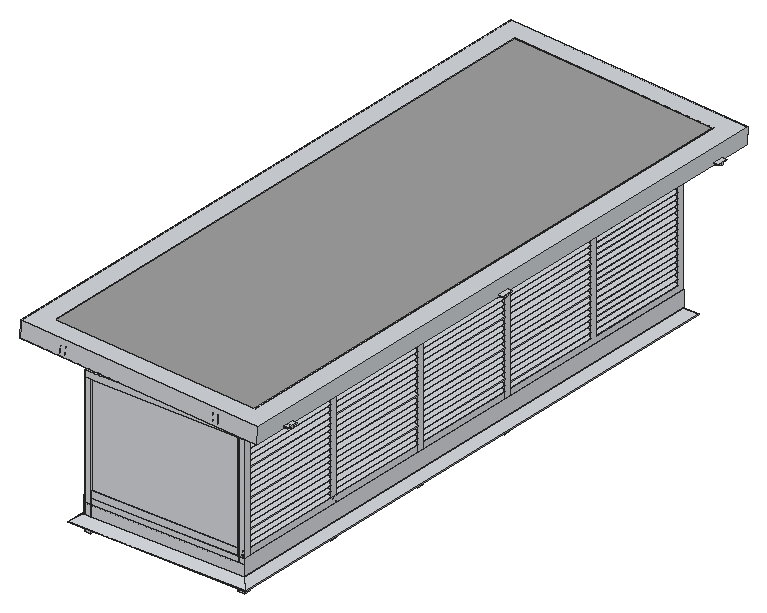
Revit family "SEQ_A3-Roof-vent", category Specialty Equipment, Revit 2016
Family settings
  Part Type = Normal
  Round Connector Dimension = Use Diameter
  Work Plane-Based = No
  Always vertical = Yes
  Cut with Voids When Loaded = No
  Shared = No
  Room Calculation Point = No
Parameters (values of type "Roof Vent")
  Keynote = "Q002"
  Assembly Code = ""
Reference planes
  plane 1 "Center (Front/Back)": y = -117
  plane 2: z = 0
  plane 3 "Center (Left/Right)": x = 0
  plane 4 "T/O roof light": z = 1700
  plane 5: z = -600
Forms (mm)
  Extrusion 1, solid
    sketch origin (0, 0, 1700) x (-1, 0, 0) y (0, -1, 0)
      loop
        line (690, -1436) -> (750, -1436) -> (750, -1376) -> (690, -1376) -> (690, -1436)
      loop
        line (-690, -1436) -> (-690, -1376) -> (-750, -1376) -> (-750, -1436) -> (-690, -1436)
      loop
        line (747, -1379) -> (693, -1379) -> (693, -1433) -> (747, -1433) -> (747, -1379)
      loop
        line (-747, -1379) -> (-747, -1433) -> (-693, -1433) -> (-693, -1379) -> (-747, -1379)
    from -1932.581 to -637
  Sweep 2, solid
    path origin (0, 0, 0) x (1, 0, 0) y (0, 1, 0)
      loop
        line (-750, -2684) -> (750, -2684) -> (750, 2450) -> (-750, 2450) -> (-750, -2684)
    profile origin (-750, -117, 0) x (-1, 0, 0) y (0, 0, 1)
      loop
        line (0, 0) -> (0, 60) -> (-60, 60) -> (-60, 0) -> (0, 0)
      loop
        line (-3, 3) -> (-3, 57) -> (-57, 57) -> (-57, 3) -> (-3, 3)
  Sweep 3, solid
    path origin (0, 0, 1063) x (1, 0, 0) y (0, 1, 0)
      loop
        line (-750, -2684) -> (750, -2684) -> (750, 2450) -> (-750, 2450) -> (-750, -2684)
    profile origin (-750, -117, 1063) x (-1, 0, 0) y (0, 0, 1)
      loop
        line (0, 0) -> (0, 60) -> (-60, 60) -> (-60, 0) -> (0, 0)
      loop
        line (-3, 3) -> (-3, 57) -> (-57, 57) -> (-57, 3) -> (-3, 3)
  Sweep 4, solid
    path origin (21.521, -38.672, 0) x (1, 0, 0) y (0, 1, 0)
      loop
        line (730.479, -2647.742) -> (730.479, 2491.086) -> (-773.521, 2491.086) -> (-773.521, -2647.742) -> (730.479, -2647.742)
    profile origin (752, -117, 0) x (-1, 0, 0) y (0, 0, 1)
      loop
        line (0, 12.51) -> (-1, 12.51) -> (-1, -87.49) -> (-81.902, -146.269) -> (-79.551, -149.505) -> (-78.742, -148.917) -> (-80.505, -146.49) -> (0, -88) -> (0, 12.51)
  Sweep 5, solid
    path origin (0, 0, 65) x (1, 0, 0) y (0, 1, 0)
      loop
        line (-750, -2684) -> (750, -2684) -> (750, 2450) -> (-750, 2450) -> (-750, -2684)
    profile origin (-750, -117, 65) x (-1, 0, 0) y (0, 0, 1)
      loop
        line (0, 0) -> (0, 60) -> (-60, 60) -> (-60, 0) -> (0, 0)
      loop
        line (-3, 3) -> (-3, 57) -> (-57, 57) -> (-57, 3) -> (-3, 3)
  Extrusion 6, solid
    sketch origin (-663.185, 853.957, -331.096) x (0, 1, 0) y (-0.052336, 0, -0.99863)
      loop
        line (1497.457, -1726.063) -> (1597.457, -1726.063) -> (1597.457, -1721.063) -> (1549.957, -1721.063) -> (1549.957, -1531.063) -> (1597.457, -1531.063) -> (1597.457, -1526.063) -> (1497.457, -1526.063) -> (1497.457, -1531.063) -> (1544.957, -1531.063) -> (1544.957, -1721.063) -> (1497.457, -1721.063) -> (1497.457, -1726.063)
    from -1734.613 to 587.632
  Extrusion 7, solid
    sketch origin (-663.185, -1087.957, -331.096) x (0, -1, 0) y (0.052336, 0, 0.99863)
      loop
        line (1497.457, 1726.063) -> (1497.457, 1721.063) -> (1544.957, 1721.063) -> (1544.957, 1531.063) -> (1497.457, 1531.063) -> (1497.457, 1526.063) -> (1597.457, 1526.063) -> (1597.457, 1531.063) -> (1549.957, 1531.063) -> (1549.957, 1721.063) -> (1597.457, 1721.063) -> (1597.457, 1726.063) -> (1497.457, 1726.063)
    from -1734.613 to 587.632
  Extrusion 8, void
    sketch origin (-583.317, -2632.914, 1192.876) x (-0.052336, 0, -0.99863) y (0.99863, 0, -0.052336)
      loop
        line (-177.48, -587.632) -> (0.854, -587.632) -> (0.854, -237.632) -> (-177.48, -587.632)
      loop
        line (-177.48, 1734.613) -> (0.854, 1384.613) -> (0.854, 1734.613) -> (-177.48, 1734.613)
    from -5756.745 to 250
  Extrusion 9, solid
    sketch origin (-663.185, -1664.457, -331.096) x (0, 1, 0) y (-0.052336, 0, -0.99863)
      loop
        line (1497.457, -1726.063) -> (1597.457, -1726.063) -> (1597.457, -1721.063) -> (1549.957, -1721.063) -> (1549.957, -1531.063) -> (1597.457, -1531.063) -> (1597.457, -1526.063) -> (1497.457, -1526.063) -> (1497.457, -1531.063) -> (1544.957, -1531.063) -> (1544.957, -1721.063) -> (1497.457, -1721.063) -> (1497.457, -1726.063)
    from -1734.613 to 587.632
  Extrusion 10, solid
    sketch origin (640, -2684, 7.861) x (-1, 0, 0) y (0, 0, -1)
      loop
        line (1329.863, -1390.873) -> (1328.816, -1410.846) -> (1331.812, -1411.003) -> (1332.702, -1394.026) -> (1376.642, -1396.329) -> (1373.03, -1465.234) -> (1329.091, -1462.932) -> (1329.98, -1445.955) -> (1326.985, -1445.798) -> (1325.938, -1465.771) -> (1375.869, -1468.387) -> (1379.794, -1393.49) -> (1329.863, -1390.873)
      loop
        line (-49.574, -1318.58) -> (-99.505, -1315.963) -> (-103.43, -1390.861) -> (-53.499, -1393.477) -> (-52.452, -1373.505) -> (-55.448, -1373.348) -> (-56.338, -1390.324) -> (-100.278, -1388.022) -> (-96.666, -1319.116) -> (-52.727, -1321.419) -> (-53.616, -1338.396) -> (-50.62, -1338.553) -> (-49.574, -1318.58)
    from -5434 to 300
  Extrusion 11, solid, material "Default 2"
    sketch origin (640, -2684, 7.861) x (-1, 0, 0) y (0, 0, -1)
      loop
        line (1745.819, -1487.776) -> (-473.38, -1371.472) -> (-475.893, -1419.406) -> (1743.307, -1535.71) -> (1745.819, -1487.776)
    from -5434 to 300
  Sweep 12, solid
    path origin (-149.719, 0, 1175.159) x (0.99863, 0, -0.052336) y (0, 1, 0)
      loop
        line (-600, -2635.414) -> (-600, 2401.414)
    profile origin (-748.897, -117, 1206.561) x (-0.99863, 0, 0.052336) y (0.052336, 0, 0.99863)
      loop
        line (0, 0) -> (0, 190) -> (-60, 190) -> (-60, 0) -> (0, 0)
      loop
        line (-3, 3) -> (-3, 187) -> (-57, 187) -> (-57, 3) -> (-3, 3)
  Sweep 13, solid
    path origin (150.822, 0, 1159.408) x (-0.99863, 0, 0.052336) y (0, -1, 0)
      loop
        line (-600, 2635.414) -> (-600, -2401.414)
    profile origin (750, -117, 1128.007) x (-0.99863, 0, 0.052336) y (0.052336, 0, 0.99863)
      loop
        line (0, 0) -> (60, 0) -> (60, 190) -> (0, 190) -> (0, 0)
      loop
        line (3, 3) -> (57, 3) -> (57, 187) -> (3, 187) -> (3, 3)
  Extrusion 14, solid
    sketch origin (-600, 702.287, 0) x (0, 1, 0) y (0, 0, -1)
      loop
        line (1735.713, -1063) -> (1737.713, -1063) -> (1737.713, -125) -> (1735.713, -125) -> (1735.713, -1063)
    from -1290 to 90
  Extrusion 15, solid
    sketch origin (-600, -936.287, 0) x (0, -1, 0) y (0, 0, 1)
      loop
        line (1735.74, 1063) -> (1735.74, 125) -> (1737.74, 125) -> (1737.74, 1063) -> (1735.74, 1063)
    from -1290 to 90
  Extrusion 16, solid
    sketch origin (998.128, -1484, 0) x (-1, 0, 0) y (0, 0, 1)
      loop
        line (1702.713, 179) -> (1702.713, 170) -> (1747.713, 125) -> (1749.128, 126.414) -> (1704.713, 170.828) -> (1704.713, 179) -> (1702.713, 179)
      loop
        line (1702.713, 231) -> (1702.713, 222) -> (1747.713, 177) -> (1749.128, 178.414) -> (1704.713, 222.828) -> (1704.713, 231) -> (1702.713, 231)
      loop
        line (1702.713, 283) -> (1702.713, 274) -> (1747.713, 229) -> (1749.128, 230.414) -> (1704.713, 274.828) -> (1704.713, 283) -> (1702.713, 283)
      loop
        line (1702.713, 335) -> (1702.713, 326) -> (1747.713, 281) -> (1749.128, 282.414) -> (1704.713, 326.828) -> (1704.713, 335) -> (1702.713, 335)
      loop
        line (1702.713, 387) -> (1702.713, 378) -> (1747.713, 333) -> (1749.128, 334.414) -> (1704.713, 378.828) -> (1704.713, 387) -> (1702.713, 387)
      loop
        line (1702.713, 439) -> (1702.713, 430) -> (1747.713, 385) -> (1749.128, 386.414) -> (1704.713, 430.828) -> (1704.713, 439) -> (1702.713, 439)
      loop
        line (1702.713, 491) -> (1702.713, 482) -> (1747.713, 437) -> (1749.128, 438.414) -> (1704.713, 482.828) -> (1704.713, 491) -> (1702.713, 491)
      loop
        line (1702.713, 543) -> (1702.713, 534) -> (1747.713, 489) -> (1749.128, 490.414) -> (1704.713, 534.828) -> (1704.713, 543) -> (1702.713, 543)
      loop
        line (1702.713, 595) -> (1702.713, 586) -> (1747.713, 541) -> (1749.128, 542.414) -> (1704.713, 586.828) -> (1704.713, 595) -> (1702.713, 595)
      loop
        line (1702.713, 647) -> (1702.713, 638) -> (1747.713, 593) -> (1749.128, 594.414) -> (1704.713, 638.828) -> (1704.713, 647) -> (1702.713, 647)
      loop
        line (1702.713, 699) -> (1702.713, 690) -> (1747.713, 645) -> (1749.128, 646.414) -> (1704.713, 690.828) -> (1704.713, 699) -> (1702.713, 699)
      loop
        line (1702.713, 751) -> (1702.713, 742) -> (1747.713, 697) -> (1749.128, 698.414) -> (1704.713, 742.828) -> (1704.713, 751) -> (1702.713, 751)
      loop
        line (1702.713, 803) -> (1702.713, 794) -> (1747.713, 749) -> (1749.128, 750.414) -> (1704.713, 794.828) -> (1704.713, 803) -> (1702.713, 803)
      loop
        line (1702.713, 855) -> (1702.713, 846) -> (1747.713, 801) -> (1749.128, 802.414) -> (1704.713, 846.828) -> (1704.713, 855) -> (1702.713, 855)
      loop
        line (1702.713, 907) -> (1702.713, 898) -> (1747.713, 853) -> (1749.128, 854.414) -> (1704.713, 898.828) -> (1704.713, 907) -> (1702.713, 907)
      loop
        line (1702.713, 959) -> (1702.713, 950) -> (1747.713, 905) -> (1749.128, 906.414) -> (1704.713, 950.828) -> (1704.713, 959) -> (1702.713, 959)
      loop
        line (1702.713, 1011) -> (1702.713, 1002) -> (1747.713, 957) -> (1749.128, 958.414) -> (1704.713, 1002.828) -> (1704.713, 1011) -> (1702.713, 1011)
      loop
        line (1702.713, 1063) -> (1702.713, 1054) -> (1747.713, 1009) -> (1749.128, 1010.414) -> (1704.713, 1054.828) -> (1704.713, 1063) -> (1702.713, 1063)
    from -1140 to -186
  Extrusion 17, solid
    sketch origin (-998.128, -1484, 0) x (1, 0, 0) y (0, 0, -1)
      loop
        line (1702.713, -179) -> (1704.713, -179) -> (1704.713, -170.828) -> (1749.128, -126.414) -> (1747.713, -125) -> (1702.713, -170) -> (1702.713, -179)
      loop
        line (1702.713, -231) -> (1704.713, -231) -> (1704.713, -222.828) -> (1749.128, -178.414) -> (1747.713, -177) -> (1702.713, -222) -> (1702.713, -231)
      loop
        line (1702.713, -283) -> (1704.713, -283) -> (1704.713, -274.828) -> (1749.128, -230.414) -> (1747.713, -229) -> (1702.713, -274) -> (1702.713, -283)
      loop
        line (1702.713, -335) -> (1704.713, -335) -> (1704.713, -326.828) -> (1749.128, -282.414) -> (1747.713, -281) -> (1702.713, -326) -> (1702.713, -335)
      loop
        line (1702.713, -387) -> (1704.713, -387) -> (1704.713, -378.828) -> (1749.128, -334.414) -> (1747.713, -333) -> (1702.713, -378) -> (1702.713, -387)
      loop
        line (1702.713, -439) -> (1704.713, -439) -> (1704.713, -430.828) -> (1749.128, -386.414) -> (1747.713, -385) -> (1702.713, -430) -> (1702.713, -439)
      loop
        line (1702.713, -491) -> (1704.713, -491) -> (1704.713, -482.828) -> (1749.128, -438.414) -> (1747.713, -437) -> (1702.713, -482) -> (1702.713, -491)
      loop
        line (1702.713, -543) -> (1704.713, -543) -> (1704.713, -534.828) -> (1749.128, -490.414) -> (1747.713, -489) -> (1702.713, -534) -> (1702.713, -543)
      loop
        line (1702.713, -595) -> (1704.713, -595) -> (1704.713, -586.828) -> (1749.128, -542.414) -> (1747.713, -541) -> (1702.713, -586) -> (1702.713, -595)
      loop
        line (1702.713, -647) -> (1704.713, -647) -> (1704.713, -638.828) -> (1749.128, -594.414) -> (1747.713, -593) -> (1702.713, -638) -> (1702.713, -647)
      loop
        line (1702.713, -699) -> (1704.713, -699) -> (1704.713, -690.828) -> (1749.128, -646.414) -> (1747.713, -645) -> (1702.713, -690) -> (1702.713, -699)
      loop
        line (1702.713, -751) -> (1704.713, -751) -> (1704.713, -742.828) -> (1749.128, -698.414) -> (1747.713, -697) -> (1702.713, -742) -> (1702.713, -751)
      loop
        line (1702.713, -803) -> (1704.713, -803) -> (1704.713, -794.828) -> (1749.128, -750.414) -> (1747.713, -749) -> (1702.713, -794) -> (1702.713, -803)
      loop
        line (1702.713, -855) -> (1704.713, -855) -> (1704.713, -846.828) -> (1749.128, -802.414) -> (1747.713, -801) -> (1702.713, -846) -> (1702.713, -855)
      loop
        line (1702.713, -907) -> (1704.713, -907) -> (1704.713, -898.828) -> (1749.128, -854.414) -> (1747.713, -853) -> (1702.713, -898) -> (1702.713, -907)
      loop
        line (1702.713, -959) -> (1704.713, -959) -> (1704.713, -950.828) -> (1749.128, -906.414) -> (1747.713, -905) -> (1702.713, -950) -> (1702.713, -959)
      loop
        line (1702.713, -1011) -> (1704.713, -1011) -> (1704.713, -1002.828) -> (1749.128, -958.414) -> (1747.713, -957) -> (1702.713, -1002) -> (1702.713, -1011)
      loop
        line (1702.713, -1063) -> (1704.713, -1063) -> (1704.713, -1054.828) -> (1749.128, -1010.414) -> (1747.713, -1009) -> (1702.713, -1054) -> (1702.713, -1063)
    from -1140 to -186
  Extrusion 18, solid
    sketch origin (998.128, -470, 0) x (-1, 0, 0) y (0, 0, 1)
      loop
        line (1702.713, 179) -> (1702.713, 170) -> (1747.713, 125) -> (1749.128, 126.414) -> (1704.713, 170.828) -> (1704.713, 179) -> (1702.713, 179)
      loop
        line (1702.713, 231) -> (1702.713, 222) -> (1747.713, 177) -> (1749.128, 178.414) -> (1704.713, 222.828) -> (1704.713, 231) -> (1702.713, 231)
      loop
        line (1702.713, 283) -> (1702.713, 274) -> (1747.713, 229) -> (1749.128, 230.414) -> (1704.713, 274.828) -> (1704.713, 283) -> (1702.713, 283)
      loop
        line (1702.713, 335) -> (1702.713, 326) -> (1747.713, 281) -> (1749.128, 282.414) -> (1704.713, 326.828) -> (1704.713, 335) -> (1702.713, 335)
      loop
        line (1702.713, 387) -> (1702.713, 378) -> (1747.713, 333) -> (1749.128, 334.414) -> (1704.713, 378.828) -> (1704.713, 387) -> (1702.713, 387)
      loop
        line (1702.713, 439) -> (1702.713, 430) -> (1747.713, 385) -> (1749.128, 386.414) -> (1704.713, 430.828) -> (1704.713, 439) -> (1702.713, 439)
      loop
        line (1702.713, 491) -> (1702.713, 482) -> (1747.713, 437) -> (1749.128, 438.414) -> (1704.713, 482.828) -> (1704.713, 491) -> (1702.713, 491)
      loop
        line (1702.713, 543) -> (1702.713, 534) -> (1747.713, 489) -> (1749.128, 490.414) -> (1704.713, 534.828) -> (1704.713, 543) -> (1702.713, 543)
      loop
        line (1702.713, 595) -> (1702.713, 586) -> (1747.713, 541) -> (1749.128, 542.414) -> (1704.713, 586.828) -> (1704.713, 595) -> (1702.713, 595)
      loop
        line (1702.713, 647) -> (1702.713, 638) -> (1747.713, 593) -> (1749.128, 594.414) -> (1704.713, 638.828) -> (1704.713, 647) -> (1702.713, 647)
      loop
        line (1702.713, 699) -> (1702.713, 690) -> (1747.713, 645) -> (1749.128, 646.414) -> (1704.713, 690.828) -> (1704.713, 699) -> (1702.713, 699)
      loop
        line (1702.713, 751) -> (1702.713, 742) -> (1747.713, 697) -> (1749.128, 698.414) -> (1704.713, 742.828) -> (1704.713, 751) -> (1702.713, 751)
      loop
        line (1702.713, 803) -> (1702.713, 794) -> (1747.713, 749) -> (1749.128, 750.414) -> (1704.713, 794.828) -> (1704.713, 803) -> (1702.713, 803)
      loop
        line (1702.713, 855) -> (1702.713, 846) -> (1747.713, 801) -> (1749.128, 802.414) -> (1704.713, 846.828) -> (1704.713, 855) -> (1702.713, 855)
      loop
        line (1702.713, 907) -> (1702.713, 898) -> (1747.713, 853) -> (1749.128, 854.414) -> (1704.713, 898.828) -> (1704.713, 907) -> (1702.713, 907)
      loop
        line (1702.713, 959) -> (1702.713, 950) -> (1747.713, 905) -> (1749.128, 906.414) -> (1704.713, 950.828) -> (1704.713, 959) -> (1702.713, 959)
      loop
        line (1702.713, 1011) -> (1702.713, 1002) -> (1747.713, 957) -> (1749.128, 958.414) -> (1704.713, 1002.828) -> (1704.713, 1011) -> (1702.713, 1011)
      loop
        line (1702.713, 1063) -> (1702.713, 1054) -> (1747.713, 1009) -> (1749.128, 1010.414) -> (1704.713, 1054.828) -> (1704.713, 1063) -> (1702.713, 1063)
    from -1140 to -186
  Extrusion 19, solid
    sketch origin (-998.128, -470, 0) x (1, 0, 0) y (0, 0, -1)
      loop
        line (1702.713, -179) -> (1704.713, -179) -> (1704.713, -170.828) -> (1749.128, -126.414) -> (1747.713, -125) -> (1702.713, -170) -> (1702.713, -179)
      loop
        line (1702.713, -231) -> (1704.713, -231) -> (1704.713, -222.828) -> (1749.128, -178.414) -> (1747.713, -177) -> (1702.713, -222) -> (1702.713, -231)
      loop
        line (1702.713, -283) -> (1704.713, -283) -> (1704.713, -274.828) -> (1749.128, -230.414) -> (1747.713, -229) -> (1702.713, -274) -> (1702.713, -283)
      loop
        line (1702.713, -335) -> (1704.713, -335) -> (1704.713, -326.828) -> (1749.128, -282.414) -> (1747.713, -281) -> (1702.713, -326) -> (1702.713, -335)
      loop
        line (1702.713, -387) -> (1704.713, -387) -> (1704.713, -378.828) -> (1749.128, -334.414) -> (1747.713, -333) -> (1702.713, -378) -> (1702.713, -387)
      loop
        line (1702.713, -439) -> (1704.713, -439) -> (1704.713, -430.828) -> (1749.128, -386.414) -> (1747.713, -385) -> (1702.713, -430) -> (1702.713, -439)
      loop
        line (1702.713, -491) -> (1704.713, -491) -> (1704.713, -482.828) -> (1749.128, -438.414) -> (1747.713, -437) -> (1702.713, -482) -> (1702.713, -491)
      loop
        line (1702.713, -543) -> (1704.713, -543) -> (1704.713, -534.828) -> (1749.128, -490.414) -> (1747.713, -489) -> (1702.713, -534) -> (1702.713, -543)
      loop
        line (1702.713, -595) -> (1704.713, -595) -> (1704.713, -586.828) -> (1749.128, -542.414) -> (1747.713, -541) -> (1702.713, -586) -> (1702.713, -595)
      loop
        line (1702.713, -647) -> (1704.713, -647) -> (1704.713, -638.828) -> (1749.128, -594.414) -> (1747.713, -593) -> (1702.713, -638) -> (1702.713, -647)
      loop
        line (1702.713, -699) -> (1704.713, -699) -> (1704.713, -690.828) -> (1749.128, -646.414) -> (1747.713, -645) -> (1702.713, -690) -> (1702.713, -699)
      loop
        line (1702.713, -751) -> (1704.713, -751) -> (1704.713, -742.828) -> (1749.128, -698.414) -> (1747.713, -697) -> (1702.713, -742) -> (1702.713, -751)
      loop
        line (1702.713, -803) -> (1704.713, -803) -> (1704.713, -794.828) -> (1749.128, -750.414) -> (1747.713, -749) -> (1702.713, -794) -> (1702.713, -803)
      loop
        line (1702.713, -855) -> (1704.713, -855) -> (1704.713, -846.828) -> (1749.128, -802.414) -> (1747.713, -801) -> (1702.713, -846) -> (1702.713, -855)
      loop
        line (1702.713, -907) -> (1704.713, -907) -> (1704.713, -898.828) -> (1749.128, -854.414) -> (1747.713, -853) -> (1702.713, -898) -> (1702.713, -907)
      loop
        line (1702.713, -959) -> (1704.713, -959) -> (1704.713, -950.828) -> (1749.128, -906.414) -> (1747.713, -905) -> (1702.713, -950) -> (1702.713, -959)
      loop
        line (1702.713, -1011) -> (1704.713, -1011) -> (1704.713, -1002.828) -> (1749.128, -958.414) -> (1747.713, -957) -> (1702.713, -1002) -> (1702.713, -1011)
      loop
        line (1702.713, -1063) -> (1704.713, -1063) -> (1704.713, -1054.828) -> (1749.128, -1010.414) -> (1747.713, -1009) -> (1702.713, -1054) -> (1702.713, -1063)
    from -1140 to -186
  Extrusion 20, solid
    sketch origin (998.128, 1250, 0) x (-1, 0, 0) y (0, 0, -1)
      loop
        line (1702.713, -179) -> (1704.713, -179) -> (1704.713, -170.828) -> (1749.128, -126.414) -> (1747.713, -125) -> (1702.713, -170) -> (1702.713, -179)
      loop
        line (1702.713, -231) -> (1704.713, -231) -> (1704.713, -222.828) -> (1749.128, -178.414) -> (1747.713, -177) -> (1702.713, -222) -> (1702.713, -231)
      loop
        line (1702.713, -283) -> (1704.713, -283) -> (1704.713, -274.828) -> (1749.128, -230.414) -> (1747.713, -229) -> (1702.713, -274) -> (1702.713, -283)
      loop
        line (1702.713, -335) -> (1704.713, -335) -> (1704.713, -326.828) -> (1749.128, -282.414) -> (1747.713, -281) -> (1702.713, -326) -> (1702.713, -335)
      loop
        line (1702.713, -387) -> (1704.713, -387) -> (1704.713, -378.828) -> (1749.128, -334.414) -> (1747.713, -333) -> (1702.713, -378) -> (1702.713, -387)
      loop
        line (1702.713, -439) -> (1704.713, -439) -> (1704.713, -430.828) -> (1749.128, -386.414) -> (1747.713, -385) -> (1702.713, -430) -> (1702.713, -439)
      loop
        line (1702.713, -491) -> (1704.713, -491) -> (1704.713, -482.828) -> (1749.128, -438.414) -> (1747.713, -437) -> (1702.713, -482) -> (1702.713, -491)
      loop
        line (1702.713, -543) -> (1704.713, -543) -> (1704.713, -534.828) -> (1749.128, -490.414) -> (1747.713, -489) -> (1702.713, -534) -> (1702.713, -543)
      loop
        line (1702.713, -595) -> (1704.713, -595) -> (1704.713, -586.828) -> (1749.128, -542.414) -> (1747.713, -541) -> (1702.713, -586) -> (1702.713, -595)
      loop
        line (1702.713, -647) -> (1704.713, -647) -> (1704.713, -638.828) -> (1749.128, -594.414) -> (1747.713, -593) -> (1702.713, -638) -> (1702.713, -647)
      loop
        line (1702.713, -699) -> (1704.713, -699) -> (1704.713, -690.828) -> (1749.128, -646.414) -> (1747.713, -645) -> (1702.713, -690) -> (1702.713, -699)
      loop
        line (1702.713, -751) -> (1704.713, -751) -> (1704.713, -742.828) -> (1749.128, -698.414) -> (1747.713, -697) -> (1702.713, -742) -> (1702.713, -751)
      loop
        line (1702.713, -803) -> (1704.713, -803) -> (1704.713, -794.828) -> (1749.128, -750.414) -> (1747.713, -749) -> (1702.713, -794) -> (1702.713, -803)
      loop
        line (1702.713, -855) -> (1704.713, -855) -> (1704.713, -846.828) -> (1749.128, -802.414) -> (1747.713, -801) -> (1702.713, -846) -> (1702.713, -855)
      loop
        line (1702.713, -907) -> (1704.713, -907) -> (1704.713, -898.828) -> (1749.128, -854.414) -> (1747.713, -853) -> (1702.713, -898) -> (1702.713, -907)
      loop
        line (1702.713, -959) -> (1704.713, -959) -> (1704.713, -950.828) -> (1749.128, -906.414) -> (1747.713, -905) -> (1702.713, -950) -> (1702.713, -959)
      loop
        line (1702.713, -1011) -> (1704.713, -1011) -> (1704.713, -1002.828) -> (1749.128, -958.414) -> (1747.713, -957) -> (1702.713, -1002) -> (1702.713, -1011)
      loop
        line (1702.713, -1063) -> (1704.713, -1063) -> (1704.713, -1054.828) -> (1749.128, -1010.414) -> (1747.713, -1009) -> (1702.713, -1054) -> (1702.713, -1063)
    from -1140 to -186
  Extrusion 21, solid
    sketch origin (-998.128, 1250, 0) x (1, 0, 0) y (0, 0, 1)
      loop
        line (1702.713, 179) -> (1702.713, 170) -> (1747.713, 125) -> (1749.128, 126.414) -> (1704.713, 170.828) -> (1704.713, 179) -> (1702.713, 179)
      loop
        line (1702.713, 231) -> (1702.713, 222) -> (1747.713, 177) -> (1749.128, 178.414) -> (1704.713, 222.828) -> (1704.713, 231) -> (1702.713, 231)
      loop
        line (1702.713, 283) -> (1702.713, 274) -> (1747.713, 229) -> (1749.128, 230.414) -> (1704.713, 274.828) -> (1704.713, 283) -> (1702.713, 283)
      loop
        line (1702.713, 335) -> (1702.713, 326) -> (1747.713, 281) -> (1749.128, 282.414) -> (1704.713, 326.828) -> (1704.713, 335) -> (1702.713, 335)
      loop
        line (1702.713, 387) -> (1702.713, 378) -> (1747.713, 333) -> (1749.128, 334.414) -> (1704.713, 378.828) -> (1704.713, 387) -> (1702.713, 387)
      loop
        line (1702.713, 439) -> (1702.713, 430) -> (1747.713, 385) -> (1749.128, 386.414) -> (1704.713, 430.828) -> (1704.713, 439) -> (1702.713, 439)
      loop
        line (1702.713, 491) -> (1702.713, 482) -> (1747.713, 437) -> (1749.128, 438.414) -> (1704.713, 482.828) -> (1704.713, 491) -> (1702.713, 491)
      loop
        line (1702.713, 543) -> (1702.713, 534) -> (1747.713, 489) -> (1749.128, 490.414) -> (1704.713, 534.828) -> (1704.713, 543) -> (1702.713, 543)
      loop
        line (1702.713, 595) -> (1702.713, 586) -> (1747.713, 541) -> (1749.128, 542.414) -> (1704.713, 586.828) -> (1704.713, 595) -> (1702.713, 595)
      loop
        line (1702.713, 647) -> (1702.713, 638) -> (1747.713, 593) -> (1749.128, 594.414) -> (1704.713, 638.828) -> (1704.713, 647) -> (1702.713, 647)
      loop
        line (1702.713, 699) -> (1702.713, 690) -> (1747.713, 645) -> (1749.128, 646.414) -> (1704.713, 690.828) -> (1704.713, 699) -> (1702.713, 699)
      loop
        line (1702.713, 751) -> (1702.713, 742) -> (1747.713, 697) -> (1749.128, 698.414) -> (1704.713, 742.828) -> (1704.713, 751) -> (1702.713, 751)
      loop
        line (1702.713, 803) -> (1702.713, 794) -> (1747.713, 749) -> (1749.128, 750.414) -> (1704.713, 794.828) -> (1704.713, 803) -> (1702.713, 803)
      loop
        line (1702.713, 855) -> (1702.713, 846) -> (1747.713, 801) -> (1749.128, 802.414) -> (1704.713, 846.828) -> (1704.713, 855) -> (1702.713, 855)
      loop
        line (1702.713, 907) -> (1702.713, 898) -> (1747.713, 853) -> (1749.128, 854.414) -> (1704.713, 898.828) -> (1704.713, 907) -> (1702.713, 907)
      loop
        line (1702.713, 959) -> (1702.713, 950) -> (1747.713, 905) -> (1749.128, 906.414) -> (1704.713, 950.828) -> (1704.713, 959) -> (1702.713, 959)
      loop
        line (1702.713, 1011) -> (1702.713, 1002) -> (1747.713, 957) -> (1749.128, 958.414) -> (1704.713, 1002.828) -> (1704.713, 1011) -> (1702.713, 1011)
      loop
        line (1702.713, 1063) -> (1702.713, 1054) -> (1747.713, 1009) -> (1749.128, 1010.414) -> (1704.713, 1054.828) -> (1704.713, 1063) -> (1702.713, 1063)
    from -1140 to -186
  Extrusion 22, solid
    sketch origin (998.128, 236, 0) x (-1, 0, 0) y (0, 0, -1)
      loop
        line (1702.713, -179) -> (1704.713, -179) -> (1704.713, -170.828) -> (1749.128, -126.414) -> (1747.713, -125) -> (1702.713, -170) -> (1702.713, -179)
      loop
        line (1702.713, -231) -> (1704.713, -231) -> (1704.713, -222.828) -> (1749.128, -178.414) -> (1747.713, -177) -> (1702.713, -222) -> (1702.713, -231)
      loop
        line (1702.713, -283) -> (1704.713, -283) -> (1704.713, -274.828) -> (1749.128, -230.414) -> (1747.713, -229) -> (1702.713, -274) -> (1702.713, -283)
      loop
        line (1702.713, -335) -> (1704.713, -335) -> (1704.713, -326.828) -> (1749.128, -282.414) -> (1747.713, -281) -> (1702.713, -326) -> (1702.713, -335)
      loop
        line (1702.713, -387) -> (1704.713, -387) -> (1704.713, -378.828) -> (1749.128, -334.414) -> (1747.713, -333) -> (1702.713, -378) -> (1702.713, -387)
      loop
        line (1702.713, -439) -> (1704.713, -439) -> (1704.713, -430.828) -> (1749.128, -386.414) -> (1747.713, -385) -> (1702.713, -430) -> (1702.713, -439)
      loop
        line (1702.713, -491) -> (1704.713, -491) -> (1704.713, -482.828) -> (1749.128, -438.414) -> (1747.713, -437) -> (1702.713, -482) -> (1702.713, -491)
      loop
        line (1702.713, -543) -> (1704.713, -543) -> (1704.713, -534.828) -> (1749.128, -490.414) -> (1747.713, -489) -> (1702.713, -534) -> (1702.713, -543)
      loop
        line (1702.713, -595) -> (1704.713, -595) -> (1704.713, -586.828) -> (1749.128, -542.414) -> (1747.713, -541) -> (1702.713, -586) -> (1702.713, -595)
      loop
        line (1702.713, -647) -> (1704.713, -647) -> (1704.713, -638.828) -> (1749.128, -594.414) -> (1747.713, -593) -> (1702.713, -638) -> (1702.713, -647)
      loop
        line (1702.713, -699) -> (1704.713, -699) -> (1704.713, -690.828) -> (1749.128, -646.414) -> (1747.713, -645) -> (1702.713, -690) -> (1702.713, -699)
      loop
        line (1702.713, -751) -> (1704.713, -751) -> (1704.713, -742.828) -> (1749.128, -698.414) -> (1747.713, -697) -> (1702.713, -742) -> (1702.713, -751)
      loop
        line (1702.713, -803) -> (1704.713, -803) -> (1704.713, -794.828) -> (1749.128, -750.414) -> (1747.713, -749) -> (1702.713, -794) -> (1702.713, -803)
      loop
        line (1702.713, -855) -> (1704.713, -855) -> (1704.713, -846.828) -> (1749.128, -802.414) -> (1747.713, -801) -> (1702.713, -846) -> (1702.713, -855)
      loop
        line (1702.713, -907) -> (1704.713, -907) -> (1704.713, -898.828) -> (1749.128, -854.414) -> (1747.713, -853) -> (1702.713, -898) -> (1702.713, -907)
      loop
        line (1702.713, -959) -> (1704.713, -959) -> (1704.713, -950.828) -> (1749.128, -906.414) -> (1747.713, -905) -> (1702.713, -950) -> (1702.713, -959)
      loop
        line (1702.713, -1011) -> (1704.713, -1011) -> (1704.713, -1002.828) -> (1749.128, -958.414) -> (1747.713, -957) -> (1702.713, -1002) -> (1702.713, -1011)
      loop
        line (1702.713, -1063) -> (1704.713, -1063) -> (1704.713, -1054.828) -> (1749.128, -1010.414) -> (1747.713, -1009) -> (1702.713, -1054) -> (1702.713, -1063)
    from -1140 to -186
  Extrusion 23, solid
    sketch origin (-998.128, 236, 0) x (1, 0, 0) y (0, 0, 1)
      loop
        line (1702.713, 179) -> (1702.713, 170) -> (1747.713, 125) -> (1749.128, 126.414) -> (1704.713, 170.828) -> (1704.713, 179) -> (1702.713, 179)
      loop
        line (1702.713, 231) -> (1702.713, 222) -> (1747.713, 177) -> (1749.128, 178.414) -> (1704.713, 222.828) -> (1704.713, 231) -> (1702.713, 231)
      loop
        line (1702.713, 283) -> (1702.713, 274) -> (1747.713, 229) -> (1749.128, 230.414) -> (1704.713, 274.828) -> (1704.713, 283) -> (1702.713, 283)
      loop
        line (1702.713, 335) -> (1702.713, 326) -> (1747.713, 281) -> (1749.128, 282.414) -> (1704.713, 326.828) -> (1704.713, 335) -> (1702.713, 335)
      loop
        line (1702.713, 387) -> (1702.713, 378) -> (1747.713, 333) -> (1749.128, 334.414) -> (1704.713, 378.828) -> (1704.713, 387) -> (1702.713, 387)
      loop
        line (1702.713, 439) -> (1702.713, 430) -> (1747.713, 385) -> (1749.128, 386.414) -> (1704.713, 430.828) -> (1704.713, 439) -> (1702.713, 439)
      loop
        line (1702.713, 491) -> (1702.713, 482) -> (1747.713, 437) -> (1749.128, 438.414) -> (1704.713, 482.828) -> (1704.713, 491) -> (1702.713, 491)
      loop
        line (1702.713, 543) -> (1702.713, 534) -> (1747.713, 489) -> (1749.128, 490.414) -> (1704.713, 534.828) -> (1704.713, 543) -> (1702.713, 543)
      loop
        line (1702.713, 595) -> (1702.713, 586) -> (1747.713, 541) -> (1749.128, 542.414) -> (1704.713, 586.828) -> (1704.713, 595) -> (1702.713, 595)
      loop
        line (1702.713, 647) -> (1702.713, 638) -> (1747.713, 593) -> (1749.128, 594.414) -> (1704.713, 638.828) -> (1704.713, 647) -> (1702.713, 647)
      loop
        line (1702.713, 699) -> (1702.713, 690) -> (1747.713, 645) -> (1749.128, 646.414) -> (1704.713, 690.828) -> (1704.713, 699) -> (1702.713, 699)
      loop
        line (1702.713, 751) -> (1702.713, 742) -> (1747.713, 697) -> (1749.128, 698.414) -> (1704.713, 742.828) -> (1704.713, 751) -> (1702.713, 751)
      loop
        line (1702.713, 803) -> (1702.713, 794) -> (1747.713, 749) -> (1749.128, 750.414) -> (1704.713, 794.828) -> (1704.713, 803) -> (1702.713, 803)
      loop
        line (1702.713, 855) -> (1702.713, 846) -> (1747.713, 801) -> (1749.128, 802.414) -> (1704.713, 846.828) -> (1704.713, 855) -> (1702.713, 855)
      loop
        line (1702.713, 907) -> (1702.713, 898) -> (1747.713, 853) -> (1749.128, 854.414) -> (1704.713, 898.828) -> (1704.713, 907) -> (1702.713, 907)
      loop
        line (1702.713, 959) -> (1702.713, 950) -> (1747.713, 905) -> (1749.128, 906.414) -> (1704.713, 950.828) -> (1704.713, 959) -> (1702.713, 959)
      loop
        line (1702.713, 1011) -> (1702.713, 1002) -> (1747.713, 957) -> (1749.128, 958.414) -> (1704.713, 1002.828) -> (1704.713, 1011) -> (1702.713, 1011)
      loop
        line (1702.713, 1063) -> (1702.713, 1054) -> (1747.713, 1009) -> (1749.128, 1010.414) -> (1704.713, 1054.828) -> (1704.713, 1063) -> (1702.713, 1063)
    from -1140 to -186
  Extrusion 24, solid
    sketch origin (998.128, 544, 0) x (-1, 0, 0) y (0, 0, 1)
      loop
        line (1702.713, 179) -> (1702.713, 170) -> (1747.713, 125) -> (1749.128, 126.414) -> (1704.713, 170.828) -> (1704.713, 179) -> (1702.713, 179)
      loop
        line (1702.713, 231) -> (1702.713, 222) -> (1747.713, 177) -> (1749.128, 178.414) -> (1704.713, 222.828) -> (1704.713, 231) -> (1702.713, 231)
      loop
        line (1702.713, 283) -> (1702.713, 274) -> (1747.713, 229) -> (1749.128, 230.414) -> (1704.713, 274.828) -> (1704.713, 283) -> (1702.713, 283)
      loop
        line (1702.713, 335) -> (1702.713, 326) -> (1747.713, 281) -> (1749.128, 282.414) -> (1704.713, 326.828) -> (1704.713, 335) -> (1702.713, 335)
      loop
        line (1702.713, 387) -> (1702.713, 378) -> (1747.713, 333) -> (1749.128, 334.414) -> (1704.713, 378.828) -> (1704.713, 387) -> (1702.713, 387)
      loop
        line (1702.713, 439) -> (1702.713, 430) -> (1747.713, 385) -> (1749.128, 386.414) -> (1704.713, 430.828) -> (1704.713, 439) -> (1702.713, 439)
      loop
        line (1702.713, 491) -> (1702.713, 482) -> (1747.713, 437) -> (1749.128, 438.414) -> (1704.713, 482.828) -> (1704.713, 491) -> (1702.713, 491)
      loop
        line (1702.713, 543) -> (1702.713, 534) -> (1747.713, 489) -> (1749.128, 490.414) -> (1704.713, 534.828) -> (1704.713, 543) -> (1702.713, 543)
      loop
        line (1702.713, 595) -> (1702.713, 586) -> (1747.713, 541) -> (1749.128, 542.414) -> (1704.713, 586.828) -> (1704.713, 595) -> (1702.713, 595)
      loop
        line (1702.713, 647) -> (1702.713, 638) -> (1747.713, 593) -> (1749.128, 594.414) -> (1704.713, 638.828) -> (1704.713, 647) -> (1702.713, 647)
      loop
        line (1702.713, 699) -> (1702.713, 690) -> (1747.713, 645) -> (1749.128, 646.414) -> (1704.713, 690.828) -> (1704.713, 699) -> (1702.713, 699)
      loop
        line (1702.713, 751) -> (1702.713, 742) -> (1747.713, 697) -> (1749.128, 698.414) -> (1704.713, 742.828) -> (1704.713, 751) -> (1702.713, 751)
      loop
        line (1702.713, 803) -> (1702.713, 794) -> (1747.713, 749) -> (1749.128, 750.414) -> (1704.713, 794.828) -> (1704.713, 803) -> (1702.713, 803)
      loop
        line (1702.713, 855) -> (1702.713, 846) -> (1747.713, 801) -> (1749.128, 802.414) -> (1704.713, 846.828) -> (1704.713, 855) -> (1702.713, 855)
      loop
        line (1702.713, 907) -> (1702.713, 898) -> (1747.713, 853) -> (1749.128, 854.414) -> (1704.713, 898.828) -> (1704.713, 907) -> (1702.713, 907)
      loop
        line (1702.713, 959) -> (1702.713, 950) -> (1747.713, 905) -> (1749.128, 906.414) -> (1704.713, 950.828) -> (1704.713, 959) -> (1702.713, 959)
      loop
        line (1702.713, 1011) -> (1702.713, 1002) -> (1747.713, 957) -> (1749.128, 958.414) -> (1704.713, 1002.828) -> (1704.713, 1011) -> (1702.713, 1011)
      loop
        line (1702.713, 1063) -> (1702.713, 1054) -> (1747.713, 1009) -> (1749.128, 1010.414) -> (1704.713, 1054.828) -> (1704.713, 1063) -> (1702.713, 1063)
    from -1140 to -182
  Extrusion 25, solid
    sketch origin (-998.128, 544, 0) x (1, 0, 0) y (0, 0, -1)
      loop
        line (1702.713, -179) -> (1704.713, -179) -> (1704.713, -170.828) -> (1749.128, -126.414) -> (1747.713, -125) -> (1702.713, -170) -> (1702.713, -179)
      loop
        line (1702.713, -231) -> (1704.713, -231) -> (1704.713, -222.828) -> (1749.128, -178.414) -> (1747.713, -177) -> (1702.713, -222) -> (1702.713, -231)
      loop
        line (1702.713, -283) -> (1704.713, -283) -> (1704.713, -274.828) -> (1749.128, -230.414) -> (1747.713, -229) -> (1702.713, -274) -> (1702.713, -283)
      loop
        line (1702.713, -335) -> (1704.713, -335) -> (1704.713, -326.828) -> (1749.128, -282.414) -> (1747.713, -281) -> (1702.713, -326) -> (1702.713, -335)
      loop
        line (1702.713, -387) -> (1704.713, -387) -> (1704.713, -378.828) -> (1749.128, -334.414) -> (1747.713, -333) -> (1702.713, -378) -> (1702.713, -387)
      loop
        line (1702.713, -439) -> (1704.713, -439) -> (1704.713, -430.828) -> (1749.128, -386.414) -> (1747.713, -385) -> (1702.713, -430) -> (1702.713, -439)
      loop
        line (1702.713, -491) -> (1704.713, -491) -> (1704.713, -482.828) -> (1749.128, -438.414) -> (1747.713, -437) -> (1702.713, -482) -> (1702.713, -491)
      loop
        line (1702.713, -543) -> (1704.713, -543) -> (1704.713, -534.828) -> (1749.128, -490.414) -> (1747.713, -489) -> (1702.713, -534) -> (1702.713, -543)
      loop
        line (1702.713, -595) -> (1704.713, -595) -> (1704.713, -586.828) -> (1749.128, -542.414) -> (1747.713, -541) -> (1702.713, -586) -> (1702.713, -595)
      loop
        line (1702.713, -647) -> (1704.713, -647) -> (1704.713, -638.828) -> (1749.128, -594.414) -> (1747.713, -593) -> (1702.713, -638) -> (1702.713, -647)
      loop
        line (1702.713, -699) -> (1704.713, -699) -> (1704.713, -690.828) -> (1749.128, -646.414) -> (1747.713, -645) -> (1702.713, -690) -> (1702.713, -699)
      loop
        line (1702.713, -751) -> (1704.713, -751) -> (1704.713, -742.828) -> (1749.128, -698.414) -> (1747.713, -697) -> (1702.713, -742) -> (1702.713, -751)
      loop
        line (1702.713, -803) -> (1704.713, -803) -> (1704.713, -794.828) -> (1749.128, -750.414) -> (1747.713, -749) -> (1702.713, -794) -> (1702.713, -803)
      loop
        line (1702.713, -855) -> (1704.713, -855) -> (1704.713, -846.828) -> (1749.128, -802.414) -> (1747.713, -801) -> (1702.713, -846) -> (1702.713, -855)
      loop
        line (1702.713, -907) -> (1704.713, -907) -> (1704.713, -898.828) -> (1749.128, -854.414) -> (1747.713, -853) -> (1702.713, -898) -> (1702.713, -907)
      loop
        line (1702.713, -959) -> (1704.713, -959) -> (1704.713, -950.828) -> (1749.128, -906.414) -> (1747.713, -905) -> (1702.713, -950) -> (1702.713, -959)
      loop
        line (1702.713, -1011) -> (1704.713, -1011) -> (1704.713, -1002.828) -> (1749.128, -958.414) -> (1747.713, -957) -> (1702.713, -1002) -> (1702.713, -1011)
      loop
        line (1702.713, -1063) -> (1704.713, -1063) -> (1704.713, -1054.828) -> (1749.128, -1010.414) -> (1747.713, -1009) -> (1702.713, -1054) -> (1702.713, -1063)
    from -1140 to -182
  Extrusion 26, solid
    sketch origin (0, 1014, 1700) x (-1, 0, 0) y (0, -1, 0)
      loop
        line (690, -1436) -> (750, -1436) -> (750, -1376) -> (690, -1376) -> (690, -1436)
      loop
        line (-690, -1436) -> (-690, -1376) -> (-750, -1376) -> (-750, -1436) -> (-690, -1436)
      loop
        line (747, -1379) -> (693, -1379) -> (693, -1433) -> (747, -1433) -> (747, -1379)
      loop
        line (-747, -1379) -> (-747, -1433) -> (-693, -1433) -> (-693, -1379) -> (-747, -1379)
    from -1932.581 to -637
  Extrusion 27, solid
    sketch origin (0, -234, 1700) x (-1, 0, 0) y (0, -1, 0)
      loop
        line (690, 1436) -> (690, 1376) -> (750, 1376) -> (750, 1436) -> (690, 1436)
      loop
        line (-690, 1436) -> (-750, 1436) -> (-750, 1376) -> (-690, 1376) -> (-690, 1436)
      loop
        line (747, 1379) -> (747, 1433) -> (693, 1433) -> (693, 1379) -> (747, 1379)
      loop
        line (-747, 1379) -> (-693, 1379) -> (-693, 1433) -> (-747, 1433) -> (-747, 1379)
    from -1932.581 to -637
  Extrusion 28, solid
    sketch origin (0, -1248, 1700) x (-1, 0, 0) y (0, -1, 0)
      loop
        line (690, 1436) -> (690, 1376) -> (750, 1376) -> (750, 1436) -> (690, 1436)
      loop
        line (-690, 1436) -> (-750, 1436) -> (-750, 1376) -> (-690, 1376) -> (-690, 1436)
      loop
        line (747, 1379) -> (747, 1433) -> (693, 1433) -> (693, 1379) -> (747, 1379)
      loop
        line (-747, 1379) -> (-693, 1379) -> (-693, 1433) -> (-747, 1433) -> (-747, 1379)
    from -1932.581 to -637
  Extrusion 29, solid
    sketch origin (0, 780, 1700) x (-1, 0, 0) y (0, -1, 0)
      loop
        line (690, 1436) -> (690, 1376) -> (750, 1376) -> (750, 1436) -> (690, 1436)
      loop
        line (-690, 1436) -> (-750, 1436) -> (-750, 1376) -> (-690, 1376) -> (-690, 1436)
      loop
        line (747, 1379) -> (747, 1433) -> (693, 1433) -> (693, 1379) -> (747, 1379)
      loop
        line (-747, 1379) -> (-693, 1379) -> (-693, 1433) -> (-747, 1433) -> (-747, 1379)
    from -1932.581 to -637
  Extrusion 30, solid
    sketch origin (0, -1014, 1700) x (-1, 0, 0) y (0, -1, 0)
      loop
        line (690, -1436) -> (750, -1436) -> (750, -1376) -> (690, -1376) -> (690, -1436)
      loop
        line (-690, -1436) -> (-690, -1376) -> (-750, -1376) -> (-750, -1436) -> (-690, -1436)
      loop
        line (747, -1379) -> (693, -1379) -> (693, -1433) -> (747, -1433) -> (747, -1379)
      loop
        line (-747, -1379) -> (-747, -1433) -> (-693, -1433) -> (-693, -1379) -> (-747, -1379)
    from -1932.581 to -637
  Extrusion 31, solid
    sketch origin (640, -2684, 0) x (-1, 0, 0) y (0, 0, -1)
      loop
        line (1359.6, -62.281) -> (1359.6, -64.281) -> (1396.514, -64.281) -> (1396.514, 76.709) -> (1394.514, 76.709) -> (1394.514, -62.281) -> (1359.6, -62.281)
    from -5134 to 0
  Extrusion 32, solid
    sketch origin (-640, -2684, 0) x (1, 0, 0) y (0, 0, 1)
      loop
        line (1359.6, 62.281) -> (1394.514, 62.281) -> (1394.514, -76.709) -> (1396.514, -76.709) -> (1396.514, 64.281) -> (1359.6, 64.281) -> (1359.6, 62.281)
    from -5134 to 0
  Sweep 33, solid
    path origin (1.049, 0, 1486.696) x (0.99863, 0, -0.052336) y (0, 1, 0)
      loop
        line (1117.893, 2752) -> (-1107.819, 2752) -> (-1107.819, -2986) -> (1117.893, -2986) -> (1117.893, 2752)
    profile origin (6.079, 2752, 1486.432) x (0, -1, 0) y (0.052336, 0, 0.99863)
      loop
        line (180, 0) -> (0, 0) -> (0, -150) -> (38, -150) -> (38, -148) -> (2, -148) -> (2, -2) -> (178, -2) -> (178, -20) -> (180, -20) -> (180, 0)
Cuts and joins
  Extrusion 8 cuts Extrusion 6
  Extrusion 8 cuts Extrusion 7
  Extrusion 8 cuts Extrusion 9
  joined: Extrusion 6, Extrusion 7, Extrusion 9, Sweep 12, Sweep 13
  Extrusion 8 cuts Extrusion 1
  Extrusion 8 cuts Sweep 3
  Extrusion 8 cuts Sweep 5
  joined: Extrusion 1, Sweep 3, Sweep 5, Extrusion 22, Extrusion 26
Dimensions and locks
  Sweep 2 to Sweep 4 sketch curve = 147.49 mm
  Extrusion 8 sketch curve to Extrusion 8 sketch curve = 350 mm  (x2)
